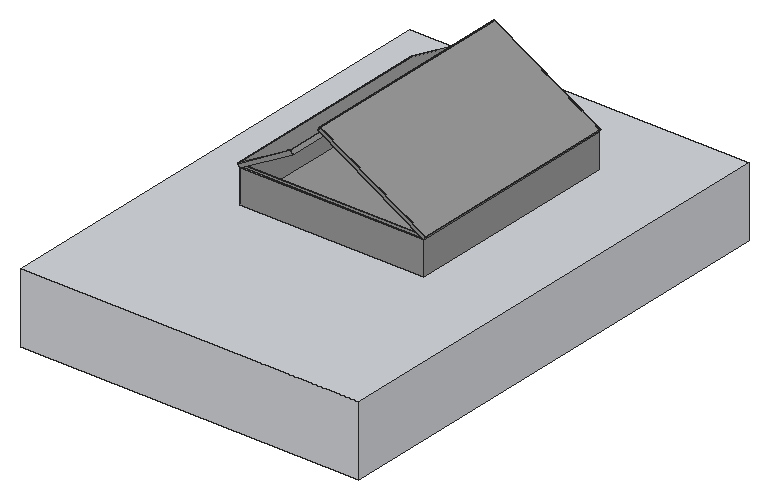
Revit family "Hager-Univers-IP44-D161-H950-Cl.II-FWQ_encl-NL-en", category Equipement électrique, Revit 2020
Family settings
  Hôte = Face
  Configuration du panneau = Deux colonnes, circuits au sein
  Cote de connecteur circulaire = Utiliser le diamètre
  Type d'élément = Tableau de raccordement
  Couper avec des vides une fois chargée = Non
  Partagée = Non
  Point de calcul de pièce = Non
Parameters (values of type "Surface mounted (plaster) IP44 W800 H950 D161  - FWQ63P")
  Width Control [instance] = if([EF000008 - Width] > Min Width, [EF000008 - Width], Min Width)  # 800 mm
  Commentaires du type = [HG000003 - Range]  # "Univers"
  Thickness Door [instance] = if([EF009171 - Material plate thickness door/cover] > 3 mm, 3 mm, [EF009171 - Material plate thickness door/cover])  # 2 mm
  Seal Frame Offset [instance] = 17 mm  # constant formula
  Plinth Visibility [instance] = [HG000027 - Plinth height] > 0 mm  # no
  Model = ""
  Min Width [instance] = 100 mm  # constant formula
  Min Height [instance] = 100 mm  # constant formula
  Min Depth [instance] = (2 * [EF009170 - Material plate thickness cabinet]) + 1 mm  # 5 mm
  Internal Frame Depth [instance] = (Door System Depth * 0.5)  # 9 mm
  Height Control [instance] = if([EF000040 - Height] > Min Height, [EF000040 - Height], Min Height)  # 950 mm
  HG000027 - Plinth height = 0 mm
  HG000026 - Floor standing = no
  HG000024 - Bottom section height = 800 mm
  HG000023 - Double section enclosure = no
  HG000016 - Door 3d visibility [instance] = yes
  HG000015 - Clearance visibility [instance] = no
  HG000014 - Door on the right [instance] = yes
  HG000013 - Door on the left [instance] = not([HG000014 - Door on the right])  # no
  HG000012 - Door swing angle [instance] = 30.00°
  HG000010 - Asymmetric doors = yes
  HG000009 - Double swing door = yes
  HG000006 - Flush mounted = no
  HG000004 - Manufacturer reference = "FWQ63P"
  HG000003 - Range = "Univers"
  HG000002 - With door or cover = yes
  Frame Offset Bottom [instance] = 10 mm  # constant formula
  Frame Offset [instance] = 15 mm  # constant formula
  EF015940 - Cover with overpressure release = no
  EF011959 - Degree of protection (NEMA) = ""
  EF009554 - Number of openings for flange plates = 6
  EF009212 - Cover model = "EV009916 - With notch"
  EF009171 - Material plate thickness door/cover = 2 mm
  EF009170 - Material plate thickness cabinet = 2 mm
  Fabricant = "Hager"  # constant formula
  EF008873 - Nominal current (In) = 125 A
  EF007800 - Suitable for lightning protection = no
  EF006306 - With lock = no
  EF006244 - Transparent cover/door = no
  EF005474 - Degree of protection (IP) = "EV006418 - IP44"
  EF004464 - Type of door = "EV002646 - Single"
  EF004427 - Number of modules = 216
  EF004293 - Impact strength = "EV006815 - IK09"
  EF003532 - Suitable for outdoor use = no
  EF002950 - Width in number of modular spacings = 36
  EF001613 - Circuit integrity = "EV000494 - None"
  EF001596 - Material housing = "EV000179 - Steel"
  EF001131 - Internal depth = 161 mm
  EF001088 - Extension possible = yes
  EF000437 - Number of conduit inlets = 12
  EF000339 - Type of cover = "EV001012 - Cover"
  EF000266 - Number of rows = 3
  EF000218 - Built-in depth = 0 mm
  EF000118 - With mounting plate = yes
  EF000116 - RAL-number = "9010"
  EF000049 - Depth = 161 mm
  EF000040 - Height = 950 mm
  EF000008 - Width = 800 mm
  EF000007 - Colour = "EV000202 - White"
  EF000003 - Mounting method = "EV000384 - Surface mounted (plaster)"
  Door System Leaf Tolerance [instance] = 1.5 mm  # constant formula
  Door System Depth [instance] = 18 mm  # constant formula
  Door Height [instance] = Height Control - [HG000027 - Plinth height]  # 950 mm
  Depth Control [instance] = if([EF000049 - Depth] > Min Depth, [EF000049 - Depth], Min Depth)  # 161 mm
  Default Elevation = 0 mm
  Connector Offset [instance] = Height Control / 2  # 475 mm
  Bottom Top Plate Trim [instance] = 1.5 mm  # constant formula
  Plinth height Ctrl [instance] = if([HG000027 - Plinth height] > 0 mm, [HG000027 - Plinth height], 12 mm)  # 12 mm
Types (4, lengths in mm): name | Width Control | HG000010 - Asymmetric doors | HG000009 - Double swing door | HG000004 - Manufacturer reference | EF009554 - Number of openings for flange plates | EF004427 - Number of modules | EF002950 - Width in number of modular spacings | EF000437 - Number of conduit inlets | EF000266 - Number of rows | EF000008 - Width
  Surface mounted (plaster) IP44 W1050 H950 D161  - FWQ64P | 1050 | no | yes | "FWQ64P" | 8 | 288 | 48 | 16 | 4 | 1050
  Surface mounted (plaster) IP44 W300 H950 D161  - FWQ61P | 300 | no | no | "FWQ61P" | 2 | 72 | 12 | 4 | 1 | 300
  Surface mounted (plaster) IP44 W550 H950 D161  - FWQ62P | 550 | no | no | "FWQ62P" | 4 | 144 | 24 | 8 | 2 | 550
  Surface mounted (plaster) IP44 W800 H950 D161  - FWQ63P | 800 | yes | yes | "FWQ63P" | 6 | 216 | 36 | 12 | 3 | 800
Reference planes
  plane 1 "Center (Front/Back)": y = 0
  plane 2: z = 0
  plane 3 "Center (Left/Right)": x = 0
  plane 4: z = 161
  plane 5: y = 2
  plane 6: y = 475
  plane 7: y = 0
  plane 8: y = 950
  plane 9: z = 0
  plane 10: x = -385
  plane 11: x = 385
  plane 12: x = 383
  plane 13: x = -383
  plane 14: y = 948
  plane 15: x = -383
  plane 16: x = -400
  plane 17: x = 383
  plane 18: x = 400
  plane 19: x = 398
  plane 20: x = -398
  plane 21: y = 12
  plane 22: y = 950
  plane 23: y = 933
  plane 24: z = 143
  plane 25: z = 2
  plane 26: z = 141
  plane 27: z = 159
Forms (mm)
  Extrusion 1, solid
    sketch origin (0, 0, 0) x (1, 0, 0) y (0, 1, 0)
      loop
        line (-702.964, 1305) -> (-702.964, -811.445) -> (766.763, -811.445) -> (766.763, 1305) -> (-702.964, 1305)
    from 0 to -304.8
  Extrusion 2, solid, material "Hager_Steel_RAL7035_Light_Grey", visible <- "Plinth Visibility", detail levels medium+fine
    sketch origin (0, 0, 0) x (1, 0, 0) y (0, 1, 0)
      loop
        line (-400, 0) -> (400, 0) -> (400, 12) -> (-400, 12) -> (-400, 0)
    from 0 to 143
  Extrusion 3, solid, material "Hager_Steel_RAL7035_Light_Grey", detail levels medium+fine
    sketch origin (0, 0, 0) x (1, 0, 0) y (0, 1, 0)
      loop
        line (-400, 0) -> (400, 0) -> (400, 950) -> (-400, 950) -> (-400, 0)
    from 0 to 143
  Extrusion 4, void
    sketch origin (0, 0, 0) x (1, 0, 0) y (0, 1, 0)
      loop
        line (-398, 2) -> (398, 2) -> (398, 948) -> (-398, 948) -> (-398, 2)
    from 2 to 141
  Extrusion 5, void
    sketch origin (-381.607, -4572, 143) x (0, -1, 0) y (-1, 0, 0)
      loop
        line (-4584, 1.393) -> (-5505, 1.393) -> (-5505, -764.607) -> (-4584, -764.607) -> (-4584, 1.393)
    from 0 to 2 <- "EF009170 - Material plate thickness cabinet"
  Extrusion 6, solid, material "Hager_Steel_RAL7035_Light_Grey", detail levels fine
    sketch origin (0, 0, 143) x (1, 0, 0) y (0, 1, 0)
      loop
        line (-383, 933) -> (-383, 12) -> (383, 12) -> (383, 933) -> (-383, 933)
      loop
        line (-385, 10) -> (385, 10) -> (385, 935) -> (-385, 935) -> (-385, 10)
    from 0 to 9 <- "Internal Frame Depth"
  Extrusion 7, solid, material "Hager_Steel_RAL7035_Light_Grey", detail levels coarse
    sketch origin (0, 0, 0) x (1, 0, 0) y (0, 1, 0)
      loop
        line (-400, 0) -> (400, 0) -> (400, 950) -> (-400, 950) -> (-400, 0)
    from 0 to 161
  Sweep 8, void
    path in 3D
      loop
        line (-400, 12, 0) -> (400, 12, 0) -> (400, 12, 143) -> (-400, 12, 143) -> (-400, 12, 0)
    profile origin (-400, 12, 71.5) x (-1, 0, 0) y (0, -1, 0)
      loop
        line (0, 0) -> (0, 1.5) -> (-1.5, 1.5)
        arc (-1.5, 1.5) -> (-1.061, 0.439) -> (0, 0) r 1.5
Cuts and joins
  Extrusion 4, Extrusion 5 cuts Extrusion 3
  Sweep 8 cuts Extrusion 2
Lines and regions (mm)
  Masking region 1
    outline origin (0, 0, 0) x (1, 0, 0) y (0, 0, 1)
      loop
        line (-400, 161) -> (-400, 0) -> (400, 0) -> (400, 161) -> (-400, 161)
  Masking region 2, detail levels medium+fine
    outline origin (0, 140, 0) x (0, 1, 0) y (0, 0, 1)
      loop
        line (-140, 0) -> (810, 0) -> (810, 143) -> (-140, 143) -> (-140, 0)
  Masking region 3, not visible, detail levels medium+fine
    outline origin (0, 297.922, 0) x (0, 1, 0) y (0, 0, 1)
      loop
        line (188.578, 0) -> (228.578, 0) -> (228.578, 149)
        arc (228.578, 149) -> (225.649, 156.071) -> (218.578, 159) r 10
        line (218.578, 159) -> (188.578, 159) -> (188.578, 0)
  Masking region 4, detail levels coarse
    outline origin (0, 0, 180) x (0, 1, 0) y (0, 0, 1)
      loop
        line (0, -180) -> (950, -180) -> (950, -19) -> (0, -19) -> (0, -180)
  Masking region 5, visible <- "Plinth Visibility", detail levels medium+fine
    outline origin (0, 52.24, 12.345) x (0, 0, -1) y (0, 1, 0)
      loop
        line (10.845, -40.24) -> (-129.155, -40.24)
        arc (-129.155, -40.24) -> (-129.594, -41.301) -> (-130.655, -41.74) r 1.5
        line (-130.655, -41.74) -> (-130.655, -52.24) -> (12.345, -52.24) -> (12.345, -41.74)
        arc (12.345, -41.74) -> (11.285, -41.301) -> (10.845, -40.24) r 1.5
  Masking region 6, detail levels medium+fine
    outline origin (-381.607, -4572, 143) x (-1, 0, 0) y (0, -1, 0)
      loop
        line (18.393, -5522) -> (18.393, -4572) -> (-781.607, -4572) -> (-781.607, -5522) -> (18.393, -5522)
  Masking region 7, visible <- "Plinth Visibility", detail levels medium+fine
    outline origin (-381.607, -4727, 143) x (-1, 0, 0) y (0, -1, 0)
      loop
        arc (16.893, -4739) -> (17.332, -4737.939) -> (18.393, -4737.5) r 1.5
        line (18.393, -4737.5) -> (18.393, -4727) -> (-781.607, -4727) -> (-781.607, -4737.5)
        arc (-781.607, -4737.5) -> (-780.546, -4737.939) -> (-780.107, -4739) r 1.5
        line (-780.107, -4739) -> (16.893, -4739)
  Masking region 8, detail levels coarse
    outline origin (-442.548, -4669.526, 143) x (-1, 0, 0) y (0, -1, 0)
      loop
        line (-42.548, -5619.526) -> (-42.548, -4669.526) -> (-842.548, -4669.526) -> (-842.548, -5619.526) -> (-42.548, -5619.526)
  sketch lines
    curve 1: line (-400, 12, 143) -> (-400, 12, 0)
    curve 2: line (400, 12, 143) -> (-400, 12, 143)
    curve 3: line (400, 12, 143) -> (400, 12, 0)
    curve 4: line (-400, 12, 0) -> (400, 12, 0)
Dimensions and locks
  "Depth Control": plane 4 to Extrusion 1
  "HG000027 - Plinth height": plane 1 "Center (Front/Back)" to plane 7
  "EF009170 - Material plate thickness cabinet": plane 5 to plane 7
  locked: connector elem to plane 3 "Center (Left/Right)"
  equal spacing: plane 8, plane 6, plane 7
  locked: connector elem to plane 6
  "EF009170 - Material plate thickness cabinet": plane 8 to plane 14
  "EF009170 - Material plate thickness cabinet": plane 10 to plane 13
  "EF009170 - Material plate thickness cabinet": plane 12 to plane 11
  "Frame Offset": plane 20 to plane 13
  "Frame Offset": plane 12 to plane 19
  "EF009170 - Material plate thickness cabinet": plane 16 to plane 20
  "EF009170 - Material plate thickness cabinet": plane 19 to plane 18
  "Seal Frame Offset": plane 16 to plane 15
  "Seal Frame Offset": plane 17 to plane 18
  "Frame Offset Bottom": plane 21 to plane 5
  "Frame Offset": plane 14 to plane 23
  equal spacing: plane 16, plane 3 "Center (Left/Right)", plane 18
  "Width Control": plane 16 to plane 18
  "EF009170 - Material plate thickness cabinet": plane 4 to plane 27
  "EF009170 - Material plate thickness cabinet": plane 24 to plane 26
  "EF009170 - Material plate thickness cabinet": plane 25 to level
  "Door System Depth": plane 4 to plane 24
  "Height Control": plane 1 "Center (Front/Back)" to Extrusion 7 sketch curve
  "Height Control": Masking region 4 sketch curve to plane 1 "Center (Front/Back)"
  "Height Control": plane 1 "Center (Front/Back)" to plane 22
  "Bottom Top Plate Trim": profile plane to Sweep 8 sketch curve
  "Bottom Top Plate Trim": Sweep 8 sketch curve to profile plane
  "Plinth height Ctrl": plane 1 "Center (Front/Back)" to Extrusion 2 sketch curve
  "Plinth height Ctrl": Masking region 5 sketch curve to plane 1 "Center (Front/Back)"
  "Plinth height Ctrl": plane 1 "Center (Front/Back)" to Masking region 7 sketch curve
  "Thickness Door": Extrusion 6 sketch curve to Extrusion 6 sketch curve  (x3)
  "Thickness Door": cut or joined group of Extrusion 3, Extrusion 4, Extrusion 5 to Extrusion 6 sketch curve
  radius of Masking region 3 sketch curve = 10 mm
  "Bottom Top Plate Trim": radius of Masking region 5 sketch curve  (x2)
  "Bottom Top Plate Trim": radius of Sweep 8 sketch curve
  "Bottom Top Plate Trim": radius of Masking region 7 sketch curve  (x2)
  aligned and locked: plane 2 to Extrusion 1
  aligned and locked: level to Extrusion 1
  aligned and locked: level to Masking region 1 sketch curve
  aligned and locked: Masking region 1 sketch curve to plane 18
  aligned and locked: Masking region 1 sketch curve to plane 16
  aligned and locked: plane 7 to Masking region 2 sketch curve
  aligned and locked: level to Masking region 3 sketch curve
  aligned and locked: Masking region 3 sketch curve to plane 27
  aligned and locked: level to Masking region 2 sketch curve
  aligned and locked: plane 1 "Center (Front/Back)" to Extrusion 2 sketch curve
  aligned and locked: Extrusion 3 sketch curve to plane 7
  aligned and locked: plane 16 to Extrusion 3 sketch curve
  aligned and locked: plane 18 to Extrusion 3 sketch curve
  aligned and locked: plane 20 to Extrusion 4 sketch curve
  aligned and locked: plane 19 to Extrusion 4 sketch curve
  aligned and locked: Extrusion 4 sketch curve to plane 5
  aligned and locked: Extrusion 4 to plane 25
  aligned and locked: plane 26 to Extrusion 4
  aligned and locked: plane 24 to Extrusion 3
  aligned and locked: Extrusion 5 sketch curve to plane 21
  aligned and locked: Extrusion 5 sketch curve to plane 13
  aligned and locked: Extrusion 5 sketch curve to plane 12
  aligned and locked: plane 18 to Extrusion 7 sketch curve
  aligned and locked: plane 1 "Center (Front/Back)" to Extrusion 7 sketch curve
  aligned and locked: plane 16 to Extrusion 7 sketch curve
  aligned and locked: plane 4 to Extrusion 7
  aligned and locked: Extrusion 7 to level
  aligned and locked: level to Masking region 4 sketch curve
  aligned and locked: Masking region 4 sketch curve to plane 1 "Center (Front/Back)"
  aligned and locked: Masking region 4 sketch curve to plane 4
  aligned and locked: nested 1 to level
  aligned and locked: nested 1 to plane 16
  aligned and locked: plane 8 to Extrusion 3 sketch curve
  aligned and locked: plane 23 to Extrusion 5 sketch curve
  aligned and locked: plane 14 to Extrusion 4 sketch curve
  aligned and locked: Masking region 2 sketch curve to plane 8
  aligned and locked: level to Masking region 5 sketch curve
  aligned and locked: plane 16 to Extrusion 2 sketch curve
  aligned and locked: plane 18 to Extrusion 2 sketch curve
  aligned and locked: Masking region 5 sketch curve to plane 24
  aligned and locked: Masking region 2 sketch curve to plane 24
  aligned and locked: plane 24 to Extrusion 2
  aligned and locked: profile plane to Sweep 8 sketch curve  (x2)
  aligned and locked: Masking region 6 sketch curve to plane 18
  aligned and locked: Masking region 6 sketch curve to plane 22
  aligned and locked: Masking region 6 sketch curve to plane 16
  aligned and locked: plane 8 to plane 22
  aligned and locked: Masking region 6 sketch curve to plane 7
  aligned and locked: Masking region 7 sketch curve to plane 16
  aligned and locked: Masking region 7 sketch curve to plane 1 "Center (Front/Back)"
  aligned and locked: Masking region 7 sketch curve to plane 18
  aligned and locked: Masking region 8 sketch curve to plane 1 "Center (Front/Back)"
  aligned and locked: Masking region 8 sketch curve to plane 18
  aligned and locked: Masking region 8 sketch curve to plane 22
  aligned and locked: Masking region 8 sketch curve to plane 16
  aligned and locked: nested 2 to plane 7
  aligned and locked: plane 3 "Center (Left/Right)" to nested 2
  aligned and locked: nested 2 to plane 24
  aligned and locked: Extrusion 6 sketch curve to cut or joined group of Extrusion 3, Extrusion 4, Extrusion 5  (x4)
Automatic sketch dimensions
  Extrusion 1 sketch curve to Extrusion 1 sketch curve = 1469.727 mm
  Extrusion 1 sketch curve to Extrusion 1 sketch curve = 2116.445 mm
  Masking region 1 sketch curve to plane 4 = 0 mm
  plane 6 to Masking region 3 sketch curve = 11.5 mm
  Masking region 3 sketch curve to Masking region 3 sketch curve = 30 mm
  Masking region 5 sketch curve to plane 1 "Center (Front/Back)" = 0 mm
Nested families
  nested 1: "Hager_Enclosure_Symbol" at (-400, 0, 0) x (1, 0, 0) z (0, -1, 0), Height <- "Depth Control", Width <- "Width Control", type "Hager_Enclosure_Symbol"
    with Width_Ctrl 800 mm, Width 800 mm, Height_Ctrl 161 mm, Height 161 mm, A_Width_Int 10.566 mm, A_Width 126.788 mm, A_Height_Ctrl 140.875 mm, A_Height 140.875 mm
  nested 2: "EC000058_Univers_Door" at (0, 0, 143) x (1, 0, 0) z (0, 1, 0), Leaf_Tolerance <- "Door System Leaf Tolerance", Angle <- "HG000012 - Door swing angle", Door_Depth <- "Door System Depth", Door_Left <- "HG000013 - Door on the left", Transparent <- "EF006244 - Transparent cover/door", Assymetrical <- "HG000010 - Asymmetric doors", Width <- "Width Control", Clearance <- "HG000015 - Clearance visibility", Double <- "HG000009 - Double swing door", 3d_Door <- "HG000016 - Door 3d visibility", Lock_Visibility <- "EF006306 - With lock", Width_Ctrl <- "Width Control", Door_Right <- "HG000014 - Door on the right", Door <- "HG000002 - With door or cover", Height <- "Door Height", Thickness <- "Thickness Door", type "EC000058_Univers_Door", detail levels medium+fine
    with min_wh 5 mm, Width_Ctrl 800 mm, Width 800 mm, Transparent no, Thickness 2 mm, Seal_Material Hager_Rubber, Lock_Visibility no, Lock_Material Hager_Plastic_RAL9005_Jet_Black, Leaf_Width 800 mm, Leaf_Tolerance_External_Sides 0 mm, Leaf_Tolerance 1.5 mm, Leaf_Offset 0 mm, Leaf_Height 947 mm, Leaf_2_Width 532.583 mm, Leaf_2_Offset 266.292 mm, Leaf_1_Width 265.917 mm, Leaf_1_Offset 132.958 mm, Height_Ctrl 950 mm, Height 950 mm, Glass_Material Hager_Glass, Double_Clearance_Ctrl no, Double yes, Door_Right_Ctrl yes, Door_Right yes, Door_Material Hager_Steel_RAL7035_Light_Grey, Door_Left_Ctrl yes, Door_Left no, Door_Depth 18 mm, Door yes, Clearance_Material Hager_Clearance, Clearance_Depth 532.583 mm, Clearance_Ctrl no, Clearance no, Assymetrical yes, Angle 30.00°, 3d_Door yes
Connectors
  electrical at (0, 475, 0)
    settings: on plane 9, index 1, voltage 0 V, apparent load 0 VA, apparent load phase1 0 VA, apparent load phase2 0 VA, apparent load phase3 0 VA, power factor 1, load classification "Other", number of poles 1, system type 30, power factor state 1, is connector primary yes, connector utility no, sub classification motor no, connector description ""
Definition of nested family "EC000058_Univers_Door"
  Parameters (values of type "EC000058_Univers_Door")
    min_wh [instance] = (2 * Thickness) + 1 mm  # 11 mm
    Width_Ctrl [instance] = 400 mm
    Width [instance] = 500 mm
    Transparent [instance] = yes
    Thickness [instance] = 5 mm
    Seal_Material [instance] = none
    Lock_Visibility [instance] = yes
    Lock_Material [instance] = none
    Leaf_Width [instance] = if((Width_Ctrl - 2 * Leaf_Tolerance_External_Sides) > 0 mm, (Width_Ctrl - 2 * Leaf_Tolerance_External_Sides), min_wh)  # 400 mm
    Leaf_Tolerance_External_Sides [instance] = 0 mm  # constant formula
    Leaf_Tolerance [instance] = 1.5 mm
    Leaf_Offset [instance] = 0 mm  # constant formula
    Leaf_Height [instance] = if((Height_Ctrl - 2 * Leaf_Tolerance) > 0 mm, (Height_Ctrl - 2 * Leaf_Tolerance), min_wh)  # 497 mm
    Leaf_2_Width [instance] = if(and(and(Double, Assymetrical), Door_Left), (Leaf_Width / 3) - (Leaf_Tolerance / 2), if(and(and(Double, Assymetrical), Door_Right), (Leaf_Width / 3) * 2 - (Leaf_Tolerance / 2), if(and(Double, not(Assymetrical)), (Leaf_Width / 2) - Leaf_Tolerance, Leaf_Width)))  # 400 mm
    Leaf_2_Offset [instance] = if(and(Double, Assymetrical), Leaf_2_Width / 2, if(and(Double, not(Assymetrical)), Leaf_Width / 4, Leaf_Width / 2))  # 200 mm
    Leaf_1_Width [instance] = if(and(and(Double, Assymetrical), Door_Right), (Leaf_Width / 3) - (Leaf_Tolerance / 2), if(and(and(Double, Assymetrical), Door_Left), (Width / 3) * 2 - (Leaf_Tolerance / 2), if(and(Double, not(Assymetrical)), (Leaf_Width / 2) - Leaf_Tolerance, Leaf_Width)))  # 400 mm
    Leaf_1_Offset [instance] = if(and(Double, Assymetrical), Leaf_1_Width / 2, if(and(Double, not(Assymetrical)), Leaf_Width / 4, Leaf_Width / 2))  # 200 mm
    Height_Ctrl [instance] = if(Height > min_wh, Height, min_wh)  # 500 mm
    Height [instance] = 500 mm
    Glass_Material [instance] = none
    Double_Clearance_Ctrl [instance] = and(Double, Clearance)  # no
    Double [instance] = no
    Door_Right_Ctrl [instance] = and(or(Door_Right, Double), Door)  # yes
    Door_Right [instance] = yes
    Door_Material [instance] = none
    Door_Left_Ctrl [instance] = and(or(Door_Left, Double), Door)  # no
    Door_Left [instance] = no
    Door_Depth [instance] = 30 mm
    Door [instance] = yes
    Default Elevation = 1219.2 mm
    Clearance_Material [instance] = none
    Clearance_Depth [instance] = if(Leaf_1_Width > Leaf_2_Width, Leaf_1_Width, Leaf_2_Width)  # 400 mm
    Clearance_Ctrl [instance] = and(not(Double), Clearance)  # yes
    Clearance [instance] = yes
    Assymetrical [instance] = yes
    Angle [instance] = 30.00°
    3d_Door [instance] = yes
  Reference planes
    plane 1 "Center (Front/Back)": y = 0
    plane 2 "Bottom": z = 0
    plane 3 "Center (Left/Right)": x = 0
    plane 4: z = 500
    plane 5: x = -200
    plane 6: x = 200
    plane 7: z = 500
    plane 8: x = -200
    plane 9: z = 0
    plane 10: x = 200
    plane 11: y = 0
    plane 12: z = 1.5
    plane 13: x = -600
    plane 14: y = -400
    plane 15: x = 600
    plane 16: x = 0
    plane 17: x = 0
    plane 18: x = -200
    plane 19: x = 200
    plane 20: z = 498.5
  Forms (mm)
    Extrusion 1, solid, material <- "Clearance_Material", visible <- "Double_Clearance_Ctrl"
      sketch origin (1200, 0, 0) x (1, 0, 0) y (0, 0, -1)
        loop
          line (-1800, -498.5) -> (-600, -498.5) -> (-600, 0) -> (-1800, 0) -> (-1800, -498.5)
      from 0 to -400
  Dimensions and locks
    equal spacing: plane 5, plane 3 "Center (Left/Right)", plane 6
    "Width_Ctrl": plane 5 to plane 6
    "Leaf_Offset": plane 5 to plane 8
    "Leaf_Offset": plane 6 to plane 10
    "Leaf_Offset": plane 9 to level
    "Leaf_Offset": plane 4 to plane 7
    "Height_Ctrl": plane 4 to level
    "Leaf_Tolerance": plane 12 to plane 9
    locked: plane 11 to plane 1 "Center (Front/Back)"
    "Leaf_1_Offset": plane 18 to plane 16
    "Leaf_2_Offset": plane 17 to plane 19
    "Leaf_1_Width": plane 13 to plane 8
    "Leaf_2_Width": plane 10 to plane 15
    "Clearance_Depth": plane 14 to plane 1 "Center (Front/Back)"
    "Leaf_Tolerance_External_Sides": plane 8 to plane 18
    "Leaf_Tolerance_External_Sides": plane 19 to plane 10
    "Leaf_Tolerance": plane 7 to plane 20
    aligned and locked: level to plane 2 "Bottom"
    aligned and locked: nested 1 to plane 16
    aligned and locked: nested 2 to plane 17
    aligned and locked: Extrusion 1 to plane 13
    aligned and locked: plane 15 to Extrusion 1
    aligned and locked: Extrusion 1 to plane 14
    aligned and locked: plane 12 to nested 1
    aligned and locked: nested 2 to plane 12
    aligned and locked: Extrusion 1 to plane 11
    aligned and locked: plane 20 to Extrusion 1
    aligned and locked: nested 2 to plane 11
    aligned and locked: nested 1 to plane 11
  Automatic sketch dimensions
    Extrusion 1 sketch curve to level = 0 mm
    plane 5 to Extrusion 1 sketch curve = 400 mm
    plane 6 to Extrusion 1 sketch curve = 400 mm
    Extrusion 1 sketch curve to plane 4 = 1.5 mm
  Nested families
    nested 1: "EC000058_Univers_Door_Leaf" at (0, 0, 1.5), Width <- "Leaf_1_Width", visible <- "Door_Left_Ctrl", Leaf_Height <- "Leaf_Height", Angle <- "Angle", 3d_Door <- "3d_Door", Transparent <- "Transparent", Clearance Material <- "Clearance_Material", Clearance <- "Clearance_Ctrl", Door_Material <- "Door_Material", Glass_Material <- "Glass_Material", Door_Depth <- "Door_Depth", Lock_Material <- "Lock_Material", Seal_Material <- "Seal_Material", Lock_Visibility <- "Lock_Visibility", Thickness <- "Thickness", type "EC000058_Univers_Door_Leaf"
      with Width 400 mm, Transparent_Glass_Offset 30 mm, Transparent_Ctrl yes, Transparent yes, Thickness 5 mm, Standard no, Seal_Material none, Seal_D2 8 mm, Seal_D1 1 mm, Offset_Internal_Frame 10 mm, Lock_Width 20 mm, Lock_Visibility_3d yes, Lock_Visibility yes, Lock_Thickness_3 3 mm, Lock_Thickness_2 1 mm, Lock_Thickness_1 3 mm, Lock_Radius_Offset_2 16 mm, Lock_Radius_Offset_1 15 mm, Lock_Radius_2 5 mm, Lock_Radius 6 mm, Lock_Offset 5 mm, Lock_Material none, Lock_Height 80 mm, Lock_Cover_Top_Offset_2d 17 mm, Lock_Cover_Height -65 mm, Leaf_Height 497 mm, Internal_Seal_Thickness 8 mm, Internal_Seal_Depth_2 4.5 mm, Internal_Frame_Depth 25 mm, Glass_Thickness -1 mm, Glass_Offset -2 mm, Glass_Material none, Door_Material none, Door_Depth 30 mm, Clearance Material none, Clearance yes, Angle_Ctrl 30.00°, Angle 30.00°, 3d_Door yes
    nested 2: "EC000058_Univers_Door_Leaf" at (0, 0, 1.5) x (-1, 0, 0) z (0, 0, 1), Width <- "Leaf_2_Width", visible <- "Door_Right_Ctrl", Leaf_Height <- "Leaf_Height", Angle <- "Angle", 3d_Door <- "3d_Door", Transparent <- "Transparent", Clearance Material <- "Clearance_Material", Clearance <- "Clearance_Ctrl", Door_Material <- "Door_Material", Glass_Material <- "Glass_Material", Door_Depth <- "Door_Depth", Lock_Material <- "Lock_Material", Seal_Material <- "Seal_Material", Lock_Visibility <- "Lock_Visibility", Thickness <- "Thickness", type "EC000058_Univers_Door_Leaf"
      with Width 400 mm, Transparent_Glass_Offset 30 mm, Transparent_Ctrl yes, Transparent yes, Thickness 5 mm, Standard no, Seal_Material none, Seal_D2 8 mm, Seal_D1 1 mm, Offset_Internal_Frame 10 mm, Lock_Width 20 mm, Lock_Visibility_3d yes, Lock_Visibility yes, Lock_Thickness_3 3 mm, Lock_Thickness_2 1 mm, Lock_Thickness_1 3 mm, Lock_Radius_Offset_2 16 mm, Lock_Radius_Offset_1 15 mm, Lock_Radius_2 5 mm, Lock_Radius 6 mm, Lock_Offset 5 mm, Lock_Material none, Lock_Height 80 mm, Lock_Cover_Top_Offset_2d 17 mm, Lock_Cover_Height -65 mm, Leaf_Height 497 mm, Internal_Seal_Thickness 8 mm, Internal_Seal_Depth_2 4.5 mm, Internal_Frame_Depth 25 mm, Glass_Thickness -1 mm, Glass_Offset -2 mm, Glass_Material none, Door_Material none, Door_Depth 30 mm, Clearance Material none, Clearance yes, Angle_Ctrl 30.00°, Angle 30.00°, 3d_Door yes
  Definition of nested family "EC000058_Univers_Door_Leaf"
    Parameters (values of type "EC000058_Univers_Door_Leaf")
      Width [instance] = 2000 mm
      Transparent_Glass_Offset [instance] = 30 mm
      Transparent_Ctrl [instance] = and(Transparent, [3d_Door])  # yes
      Transparent [instance] = yes
      Thickness [instance] = 5 mm
      Standard [instance] = and(not(Transparent), [3d_Door])  # no
      Seal_Material [instance] = none
      Seal_D2 [instance] = 8 mm  # constant formula
      Seal_D1 [instance] = 1 mm  # constant formula
      Offset_Internal_Frame [instance] = 10 mm  # constant formula
      Lock_Width [instance] = 20 mm  # constant formula
      Lock_Visibility_3d [instance] = and(Lock_Visibility, [3d_Door])  # yes
      Lock_Visibility [instance] = yes
      Lock_Thickness_3 [instance] = 3 mm  # constant formula
      Lock_Thickness_2 [instance] = 1 mm  # constant formula
      Lock_Thickness_1 [instance] = 3 mm  # constant formula
      Lock_Radius_Offset_2 [instance] = Lock_Radius_Offset_1 + 1 mm  # 16 mm
      Lock_Radius_Offset_1 [instance] = 15 mm  # constant formula
      Lock_Radius_2 [instance] = Lock_Radius - 1 mm  # 5 mm
      Lock_Radius [instance] = 6 mm  # constant formula
      Lock_Offset [instance] = 5 mm  # constant formula
      Lock_Material [instance] = none
      Lock_Height [instance] = 80 mm  # constant formula
      Lock_Cover_Top_Offset_2d [instance] = Lock_Radius_Offset_2 + 1 mm  # 17 mm
      Lock_Cover_Height [instance] = -(Lock_Height - Lock_Radius_Offset_1)  # -65 mm
      Leaf_Height [instance] = 2720.336 mm
      Internal_Seal_Thickness [instance] = 8 mm  # constant formula
      Internal_Seal_Depth_2 [instance] = 4.5 mm  # constant formula
      Internal_Frame_Depth [instance] = if(Door_Depth - Thickness > 5 mm, Door_Depth - Thickness, 5 mm)  # 25 mm
      Glass_Thickness [instance] = if(Thickness > 15 mm, Glass_Offset + 10 mm, -1 mm)  # -1 mm
      Glass_Offset [instance] = if(Thickness > 15 mm, -(Thickness + 10 mm) / 2, -2 mm)  # -2 mm
      Glass_Material [instance] = none
      Door_Material [instance] = none
      Door_Depth [instance] = 30 mm
      Default Elevation = 0 mm
      Clearance Material [instance] = none
      Clearance [instance] = yes
      Angle_Ctrl [instance] = if(Angle > 180.00°, 180.00°, Angle)  # 90.00°
      Angle [instance] = 90.00°
      3d_Door [instance] = yes
    Reference planes
      plane 1 "Center (Front/Back)": y = 0
      plane 2: z = 0
      plane 3 "Center (Left/Right)": x = 0
      plane 4: y = 2000
      plane 5: x = -1000
      plane 6: x = 1000
      plane 7: x = -3000
      plane 8: z = 2720.336
      plane 9: z = 30
      plane 10: z = 2690.336
      plane 11: x = 970
      plane 12: x = -970
      plane 13: y = -3
      plane 14: z = 107.833
      plane 15: y = -5
      plane 16: y = -223.314
      plane 17: x = -1000
      plane 18: z = 1360.168
      plane 19: y = 30
    Forms (mm)
      Extrusion 1, solid, material <- "Clearance Material", visible <- "Clearance"
        sketch origin (0, 0, 0) x (1, 0, 0) y (0, 0, 1)
          loop
            line (-3000, 2720.336) -> (-3000, 0) -> (1000, 0) -> (1000, 2720.336) -> (-3000, 2720.336)
        from 0 to -2000
      Extrusion 2, solid, material <- "Door_Material", visible <- "Standard", detail levels medium+fine
        sketch origin (-1000, 0, 0) x (0, 1, 0) y (-1, 0, 0)
          loop
            line (0, 30) -> (0, 25) -> (2000, 25) -> (2000, 30) -> (0, 30)
        from 0 to 2720.336 <- "Leaf_Height"
      Extrusion 3, solid, material <- "Door_Material", visible <- "Transparent_Ctrl", detail levels medium+fine
        sketch origin (-1000, 0, 0) x (0, 1, 0) y (-1, 0, 0)
          loop
            line (0, 25) -> (2000, 25) -> (2000, 30) -> (0, 30) -> (0, 25)
        from 0 to 2720.336 <- "Leaf_Height"
      Extrusion 4, void
        sketch origin (-1025, 2000, 0) x (0, 1, 0) y (0, 0, -1)
          loop
            line (-30, -2690.336) -> (-30, -30) -> (-1970, -30) -> (-1970, -2690.336) -> (-30, -2690.336)
        from 0 to 5 <- "Thickness"
      Sweep 5, solid, material <- "Seal_Material", visible <- "Transparent_Ctrl", detail levels fine
        path in 3D
          loop
            line (-1025, 30, 30) -> (-1025, 30, 2690.336) -> (-1025, 1970, 2690.336) -> (-1025, 1970, 30) -> (-1025, 30, 30)
        profile origin (-1025, 1000, 30) x (1, 0, 0) y (0, 0, 1)
          loop
            line (0, 0) -> (0, -8) -> (1, -8) -> (1, 0) -> (0, 0)
      Extrusion 6, solid, material <- "Glass_Material", visible <- "Transparent_Ctrl", detail levels medium+fine
        sketch origin (-1030, 0, 0) x (0, 1, 0) y (0, 0, -1)
          loop
            line (1970, -2690.336) -> (1970, -30) -> (30, -30) -> (30, -2690.336) -> (1970, -2690.336)
        from -2 <- "Glass_Offset" to -1 <- "Glass_Thickness"
      Extrusion 7, solid, material <- "Door_Material", visible <- "3d_Door", detail levels medium+fine
        sketch origin (-1025, 2000, 0) x (0, -1, 0) y (0, 0, -1)
          loop
            line (0, -2720.336) -> (2000, -2720.336) -> (2000, 0) -> (0, 0) -> (0, -2720.336)
          loop
            line (1995, -5) -> (5, -5) -> (5, -2715.336) -> (1995, -2715.336) -> (1995, -5)
        from 0 to 25 <- "Internal_Frame_Depth"
      Sweep 8, solid, material <- "Seal_Material", visible <- "Transparent_Ctrl", detail levels fine
        path in 3D
          loop
            line (-1025, 0, 0) -> (-1025, 2000, 0) -> (-1025, 2000, 2720.336) -> (-1025, 0, 2720.336) -> (-1025, 0, 0)
        profile origin (-1025, 0, 1360.168) x (1, 0, 0) y (0, 1, 0)
          loop
            line (0, 10) -> (2.975, 10)
            arc (2.975, 10) -> (4.053, 10.447) -> (4.5, 11.525) r 1.525
            line (4.5, 11.525) -> (4.5, 16.527)
            arc (4.5, 16.527) -> (4.069, 17.569) -> (3.027, 18) r 1.473
            line (3.027, 18) -> (0, 18) -> (0, 10)
      Extrusion 9, solid, material <- "Lock_Material", visible <- "Lock_Visibility_3d", detail levels fine
        sketch origin (-1030, 0, 0) x (0, 1, 0) y (0, 0, -1)
          loop
            arc (1993.5, -1400.168) -> (1994.561, -1399.729) -> (1995, -1398.668) r 1.5
            line (1995, -1398.668) -> (1995, -1320.168) -> (1975, -1320.168) -> (1975, -1398.668)
            arc (1975, -1398.668) -> (1975.439, -1399.729) -> (1976.5, -1400.168) r 1.5
            line (1976.5, -1400.168) -> (1993.5, -1400.168)
        from 3 <- "Lock_Thickness_1" to 0
      Blend 10, solid, material <- "Lock_Material", visible <- "Lock_Visibility_3d", detail levels fine
        base sketch origin (-1033, 0, 0) x (0, 1, 0) y (0, 0, -1)
          loop
            line (1975, -1320.168) -> (1975, -1398.668)
            arc (1975, -1398.668) -> (1975.439, -1399.729) -> (1976.5, -1400.168) r 1.5
            line (1976.5, -1400.168) -> (1993.5, -1400.168)
            arc (1993.5, -1400.168) -> (1994.561, -1399.729) -> (1995, -1398.668) r 1.5
            line (1995, -1398.668) -> (1995, -1320.168) -> (1975, -1320.168)
        top sketch origin (-1033, 0, 0) x (0, 1, 0) y (0, 0, -1)
          loop
            line (1976, -1320.168) -> (1976, -1398.668)
            arc (1976, -1398.668) -> (1976.146, -1399.022) -> (1976.5, -1399.168) r 0.5
            line (1976.5, -1399.168) -> (1993.5, -1399.168)
            arc (1993.5, -1399.168) -> (1993.854, -1399.022) -> (1994, -1398.668) r 0.5
            line (1994, -1398.668) -> (1994, -1320.168) -> (1976, -1320.168)
        from 0 to 1 <- "Lock_Thickness_2"
      Blend 11, solid, material <- "Lock_Material", visible <- "Lock_Visibility_3d", detail levels fine
        base sketch origin (-1034, 0, 0) x (0, 1, 0) y (0, 0, -1)
          loop
            line (1978, -1320.168) -> (1978, -1384.168)
            arc (1978, -1384.168) -> (1985, -1391.168) -> (1992, -1384.168) r 7
            line (1992, -1384.168) -> (1992, -1320.168) -> (1978, -1320.168)
        top sketch origin (-1034, 0, 0) x (0, 1, 0) y (0, 0, -1)
          loop
            line (1991, -1320.168) -> (1979, -1320.168) -> (1979, -1383.168)
            arc (1979, -1383.168) -> (1985, -1389.168) -> (1991, -1383.168) r 6
            line (1991, -1383.168) -> (1991, -1320.168)
        from 0 to 3 <- "Lock_Thickness_3"
      Extrusion 12, solid, material <- "Lock_Material", visible <- "Lock_Visibility_3d", detail levels fine
        sketch origin (-1030, 1975, 1320.168) x (1, 0, 0) y (0, -1, 0)
          loop
            line (-7, -19) -> (-7, -1) -> (0, -1) -> (0, 0) -> (-8, 0) -> (-8, -20) -> (0, -20) -> (0, -19) -> (-7, -19)
        from 0 to -65 <- "Lock_Cover_Height"
      Extrusion 13, void
        sketch origin (-1038, 1995, 1320.168) x (-1, 0, 0) y (0, 0, -1)
          loop
            line (-5, -65) -> (0, -65) -> (-5, -60) -> (-5, -65)
        from 0 to 20 <- "Lock_Width"
      Extrusion 14, void
        sketch origin (-1038, 1975, 1320.168) x (0, -1, 0) y (0, 0, -1)
          loop
            circle (-10, -15.995) r 6
          loop
            circle (-10, -15.995) r 5
        from 0 to 2
      Extrusion 15, solid, material <- "Lock_Material", visible <- "Lock_Visibility_3d", detail levels medium
        sketch origin (-1030, 0, 0) x (0, 1, 0) y (0, 0, -1)
          loop
            arc (1993.5, -1400.168) -> (1994.561, -1399.729) -> (1995, -1398.668) r 1.5
            line (1995, -1398.668) -> (1995, -1320.168) -> (1975, -1320.168) -> (1975, -1398.668)
            arc (1975, -1398.668) -> (1975.439, -1399.729) -> (1976.5, -1400.168) r 1.5
            line (1976.5, -1400.168) -> (1993.5, -1400.168)
        from 8 to 0
    Cuts and joins
      Extrusion 4 cuts Extrusion 3
      Extrusion 13, Extrusion 14 cuts Extrusion 9
      Extrusion 14 cuts Blend 11
      Extrusion 13, Extrusion 14 cuts Extrusion 12
      joined: Extrusion 9, Blend 10, Blend 11, Extrusion 12
      Extrusion 14 cuts Extrusion 15
    Lines and regions (mm)
      Masking region 1, visible <- "Lock_Visibility", detail levels fine
        outline origin (0, 0, 0) x (0, 1, 0) y (0, 0, 1)
          loop
            line (30, 1320.168) -> (33, 1320.168) -> (33, 1400.168) -> (30, 1400.168) -> (30, 1320.168)
      Masking region 2, visible <- "Lock_Visibility", detail levels fine
        outline origin (0, 3.143, 0) x (0, 1, 0) y (0, 0, 1)
          loop
            line (29.857, 1354.168) -> (30.857, 1354.168) -> (30.857, 1366.168) -> (29.857, 1366.168) -> (29.857, 1354.168)
      Masking region 3, detail levels medium+fine
        outline origin (0, 0, 0) x (0, 1, 0) y (0, 0, 1)
          loop
            line (0, 0) -> (30, 0) -> (30, 2720.336) -> (0, 2720.336) -> (0, 0)
      Masking region 4, detail levels medium+fine
        outline origin (0, 0, 0) x (1, 0, 0) y (0, 0, 1)
          loop
            line (-1000, 2720.336) -> (-1000, 0) -> (1000, 0) -> (1000, 2720.336) -> (-1000, 2720.336)
      Masking region 5, visible <- "Lock_Visibility", detail levels fine
        outline origin (-47.116, 0, 0) x (1, 0, 0) y (0, 0, 1)
          loop
            arc (1024.616, 1399.168) -> (1023.556, 1398.729) -> (1023.116, 1397.668) r 1.5
            line (1023.116, 1397.668) -> (1023.116, 1320.168) -> (1041.116, 1320.168) -> (1041.116, 1397.668)
            arc (1041.116, 1397.668) -> (1040.677, 1398.729) -> (1039.616, 1399.168) r 1.5
            line (1039.616, 1399.168) -> (1024.616, 1399.168)
      Masking region 6, visible <- "Lock_Visibility", detail levels medium+fine
        outline origin (-25, 0, 0) x (1, 0, 0) y (0, 0, 1)
          loop
            arc (1001.5, 1400.168) -> (1000.439, 1399.729) -> (1000, 1398.668) r 1.5
            line (1000, 1398.668) -> (1000, 1320.168) -> (1020, 1320.168) -> (1020, 1398.668)
            arc (1020, 1398.668) -> (1019.561, 1399.729) -> (1018.5, 1400.168) r 1.5
            line (1018.5, 1400.168) -> (1001.5, 1400.168)
      Masking region 7, visible <- "Lock_Visibility", detail levels fine
        outline origin (-73.735, 0, 0) x (1, 0, 0) y (0, 0, 1)
          loop
            line (1051.735, 1382.168) -> (1065.735, 1382.168) -> (1065.735, 1384.168)
            arc (1065.735, 1384.168) -> (1058.735, 1391.168) -> (1051.735, 1384.168) r 7
            line (1051.735, 1384.168) -> (1051.735, 1382.168)
      Masking region 8, visible <- "Lock_Visibility", detail levels fine
        outline origin (-73.735, 0, 0) x (1, 0, 0) y (0, 0, 1)
          loop
            line (1052.735, 1382.168) -> (1064.735, 1382.168) -> (1064.735, 1383.168)
            arc (1064.735, 1383.168) -> (1058.735, 1389.168) -> (1052.735, 1383.168) r 6
            line (1052.735, 1383.168) -> (1052.735, 1382.168)
      Masking region 9, visible <- "Lock_Visibility", detail levels fine
        outline origin (-25, 0, 0) x (1, 0, 0) y (0, 0, 1)
          loop
            line (1020, 1320.168) -> (1020, 1382.168) -> (1000, 1382.168) -> (1000, 1320.168) -> (1020, 1320.168)
      Masking region 10, detail levels medium+fine
        outline origin (0, 0, 0) x (1, 0, 0) y (0, 0, 1)
          loop
            circle (985, 1335.144) r 6
      Masking region 11, detail levels fine
        outline origin (0, 0, 0) x (1, 0, 0) y (0, 0, 1)
          loop
            circle (985, 1335.144) r 5
      Masking region 12, visible <- "Lock_Visibility", detail levels fine
        outline origin (0, 12.767, 0) x (0, 1, 0) y (0, 0, 1)
          loop
            line (20.233, 1320.168) -> (21.233, 1320.168) -> (21.233, 1399.168) -> (20.233, 1400.168) -> (20.233, 1320.168)
      Masking region 13, visible <- "Lock_Visibility", detail levels fine
        outline origin (0, 13.767, -10) x (0, 1, 0) y (0, 0, 1)
          loop
            line (20.233, 1330.168) -> (23.233, 1330.168) -> (23.233, 1399.168) -> (20.233, 1402.168) -> (20.233, 1330.168)
      Masking region 14, visible <- "Lock_Visibility", detail levels fine
        outline origin (0, 12.767, -10) x (0, 1, 0) y (0, 0, 1)
          loop
            line (20.233, 1330.168) -> (25.233, 1330.168) -> (25.233, 1399.305) -> (20.233, 1394.305) -> (20.233, 1330.168)
      Masking region 15, visible <- "Lock_Visibility", detail levels medium
        outline origin (0, 0, 0) x (0, 1, 0) y (0, 0, 1)
          loop
            line (30, 1320.168) -> (38, 1320.168) -> (38, 1400.168) -> (30, 1400.168) -> (30, 1320.168)
      Masking region 16, visible <- "Lock_Visibility", detail levels fine
        outline origin (-1000, 0, 0) x (0, 1, 0) y (-1, 0, 0)
          loop
            line (1975, 30) -> (1995, 30) -> (1995, 38) -> (1975, 38) -> (1975, 30)
          loop
            line (1979, 37) -> (1976, 37) -> (1976, 34) -> (1978, 34) -> (1979, 37)
          loop
            line (1994, 37) -> (1991, 37) -> (1992, 34) -> (1994, 34) -> (1994, 37)
      Masking region 17, visible <- "Lock_Visibility", detail levels medium
        outline origin (-1000, 0, 0) x (0, 1, 0) y (-1, 0, 0)
          loop
            line (1975, 30) -> (1995, 30) -> (1995, 38) -> (1975, 38) -> (1975, 30)
      symbolic lines
        curve 1: line (1000, 0, 0) -> (-3000, 0, 0)
        curve 2: arc (1000, 0, 0) -> (-1000, 2000, 0) -> (-3000, 0, 0) r 2000
        curve 4: line (-1030, 0, 0) -> (-1030, 2000, 0)
      reference lines
        curve 3: line (-1000, 0, 0) -> (-1000, 2000, 0)
      symbolic lines, detail levels medium+fine
        curve 5: line (-1030, 2000, 0) -> (-1025, 2000, 0)
        curve 7: line (-1025, 0, 0) -> (-1030, 0, 0)
        curve 8: line (-1025, 0, 0) -> (-1000, 0, 0)
        curve 9: line (-1000, 0, 0) -> (-1000, 2000, 0)
        curve 10: line (-1000, 2000, 0) -> (-1025, 2000, 0)
      symbolic lines, detail levels fine
        curve 6: line (-1025, 2000, 0) -> (-1025, 0, 0)
      sketch lines
        curve 11: line (-1025, 0, 2720.336) -> (-1025, 0, 0)
        curve 12: line (-1025, 2000, 0) -> (-1025, 0, 0)
        curve 13: line (-1025, 2000, 2720.336) -> (-1025, 2000, 0)
        curve 14: line (-1025, 0, 2720.336) -> (-1025, 2000, 2720.336)
        curve 15: line (-1025, 1970, 30) -> (-1025, 30, 30)
        curve 16: line (-1025, 30, 30) -> (-1025, 30, 2690.336)
        curve 17: line (-1025, 1970, 2690.336) -> (-1025, 1970, 30)
        curve 18: line (-1025, 30, 2690.336) -> (-1025, 1970, 2690.336)
      symbolic lines, visible <- "Transparent", detail levels medium+fine
        curve 19: line (-970, 0, 2690.336) -> (970, 0, 2690.336)
        curve 20: line (-970, 0, 30) -> (-970, 0, 2690.336)
        curve 21: line (970, 0, 30) -> (-970, 0, 30)
        curve 22: line (970, 0, 2690.336) -> (970, 0, 30)
    Dimensions and locks
      "Width": plane 1 "Center (Front/Back)" to plane 4
      equal spacing: plane 5, plane 3 "Center (Left/Right)", plane 6
      "Width": plane 5 to plane 6
      "Width": plane 7 to plane 5
      "Leaf_Height": plane 8 to level
      "Width": curve 5 to curve 3
      "Width": curve 3 to curve 3
      plane 8 to plane 10 = 30 mm
      plane 9 to level = 30 mm
      plane 12 to plane 5 = 30 mm
      plane 6 to plane 11 = 30 mm
      Extrusion 1 to Extrusion 4 sketch curve = 30 mm
      "Transparent_Glass_Offset": curve 3 to Extrusion 4 sketch curve
      "Transparent_Glass_Offset": Extrusion 4 sketch curve to cut or joined group of Extrusion 3, Extrusion 4  (x2)
      cut or joined group of Extrusion 3, Extrusion 4 to Extrusion 6 sketch curve = 30 mm
      "Transparent_Glass_Offset": cut or joined group of Extrusion 3, Extrusion 4 to Extrusion 4 sketch curve
      "Thickness": curve 6 to curve 4
      "Thickness": Extrusion 7 sketch curve to Extrusion 7 sketch curve  (x4)
      "Door_Depth": curve 4 to curve 3
      "Offset_Internal_Frame": profile plane to Sweep 8 sketch curve
      "Internal_Seal_Thickness": Sweep 8 sketch curve to Sweep 8 sketch curve
      "Internal_Seal_Depth_2": profile plane to Sweep 8 sketch curve
      "Seal_D1": profile plane to Sweep 5 sketch curve
      "Seal_D2": profile plane to Sweep 5 sketch curve
      "Thickness": Extrusion 2 sketch curve to Extrusion 2 sketch curve
      equal spacing: Extrusion 9 sketch curve, plane 18, Extrusion 9 sketch curve  (x2)
      equal spacing: Masking region 1 sketch curve, plane 18, Masking region 1 sketch curve
      "Lock_Height": Masking region 1 sketch curve to Masking region 1 sketch curve
      "Lock_Radius": Masking region 2 sketch curve to plane 18 to Masking region 2 sketch curve
      Masking region 2 sketch curve to Masking region 1 = 1 mm
      "Door_Depth": plane 19 to plane 1 "Center (Front/Back)"
      "Lock_Thickness_1": Masking region 1 sketch curve to plane 19
      "Lock_Width": Extrusion 9 sketch curve to Extrusion 9 sketch curve
      "Lock_Height": Extrusion 9 sketch curve to Extrusion 9 sketch curve
      "Lock_Offset": cut or joined group of Extrusion 3, Extrusion 4 to Extrusion 9 sketch curve
      equal spacing: plane 8, plane 18, level
      "Lock_Radius_Offset_1": Blend 11 sketch curve to Blend 10
      locked: Blend 10 to Blend 11 sketch curve at 2  (x2)
      locked: var sketch to Blend 11 sketch curve at 1  (x2)
      "Lock_Radius_Offset_2": Blend 11 sketch curve to Blend 10
      locked: Extrusion 12 sketch curve to Extrusion 12 sketch curve at 1  (x3)
      Masking region 6 sketch curve to Masking region 6 sketch curve = 80 mm
      "Lock_Height": Masking region 6 sketch curve to Masking region 6 sketch curve
      "Lock_Width": Masking region 6 sketch curve to Masking region 6 sketch curve
      locked: Masking region 6 to Masking region 5 sketch curve at 1  (x3)
      locked: Masking region 5 to Masking region 7 sketch curve at 2  (x2)
      "Lock_Radius_Offset_1": Masking region 5 to Masking region 7 sketch curve
      "Lock_Radius_Offset_2": Masking region 5 to Masking region 8 sketch curve
      locked: Masking region 7 to Masking region 8 sketch curve at 1  (x2)
      "Lock_Cover_Top_Offset_2d": Masking region 5 to Masking region 9 sketch curve
      equal spacing: Masking region 9, Masking region 10 sketch curve, Masking region 9
      equal spacing: Masking region 9, Masking region 11 sketch curve, Masking region 9
      Extrusion 15 sketch curve to Extrusion 15 sketch curve = 80 mm
      "Lock_Width": Extrusion 15 sketch curve to Extrusion 15 sketch curve
      "Lock_Height": Extrusion 15 sketch curve to Extrusion 15 sketch curve
      equal spacing: Extrusion 15 sketch curve, plane 18, Extrusion 15 sketch curve
      "Lock_Thickness_3": Masking region 13 sketch curve to Masking region 13 sketch curve
      "Lock_Height": Masking region 12 sketch curve to Masking region 12 sketch curve
      locked: Masking region 13 sketch curve to Masking region 1 at 8
      locked: Masking region 14 sketch curve to Masking region 13 at 1
      locked: Masking region 14 sketch curve to Masking region 1 at 10.863
      "Lock_Height": Masking region 15 sketch curve to Masking region 15 sketch curve
      "Lock_Offset": Extrusion 15 sketch curve to cut or joined group of Extrusion 3, Extrusion 4
      "Lock_Offset": plane 6 to Masking region 6 sketch curve
      radius of Sweep 8 sketch curve = 1.525 mm
      radius of Sweep 8 sketch curve = 1.473 mm
      radius of Extrusion 9 sketch curve = 1.5 mm  (x2)
      "Lock_Radius": radius of Extrusion 14 sketch curve
      "Lock_Radius_2": radius of Extrusion 14 sketch curve
      "Lock_Radius": radius of Masking region 10 sketch curve
      "Lock_Radius_2": radius of Masking region 11 sketch curve
      radius of Extrusion 15 sketch curve = 1.5 mm  (x2)
      "Angle_Ctrl": angle plane 1 "Center (Front/Back)" to curve 3
      locked: Masking region 12 sketch curve to Masking region 12 sketch curve (angle 45.00°)
      locked: Masking region 13 sketch curve to Masking region 13 sketch curve (angle 45.00°)
      locked: Masking region 14 sketch curve to Masking region 14 sketch curve (angle 45.00°)
      aligned and locked: level to plane 2
      aligned and locked: Extrusion 1 to curve 1
      aligned and locked: plane 6 to Extrusion 1
      aligned and locked: Extrusion 1 to plane 1 "Center (Front/Back)"
      aligned and locked: plane 4 to Extrusion 1
      aligned and locked: plane 8 to Extrusion 1
      aligned and locked: curve 7 to Extrusion 2 sketch curve
      aligned and locked: curve 5 to Extrusion 2 sketch curve
      aligned and locked: curve 7 to Extrusion 3 sketch curve
      aligned and locked: Extrusion 3 sketch curve to curve 4
      aligned and locked: Extrusion 3 sketch curve to curve 6
      aligned and locked: Extrusion 3 sketch curve to curve 5
      aligned and locked: curve 9 to curve 3
      aligned and locked: Extrusion 7 sketch curve to cut or joined group of Extrusion 3, Extrusion 4  (x4)
      aligned and locked: plane 17 to curve 3
      aligned and locked: plane 1 "Center (Front/Back)" to curve 3
      aligned and locked: plane 17 to plane 5
      aligned and locked: Sweep 8 sketch curve to profile plane
      aligned and locked: Sweep 5 sketch curve to profile plane  (x2)
      aligned and locked: Masking region 1 to Masking region 2 sketch curve
      aligned and locked: plane 19 to Masking region 1 sketch curve
      aligned and locked: plane 1 "Center (Front/Back)" to Masking region 3 sketch curve
      aligned and locked: plane 19 to Masking region 3 sketch curve
      aligned and locked: level to Masking region 3 sketch curve
      aligned and locked: Masking region 3 sketch curve to plane 8
      aligned and locked: plane 17 to Masking region 4 sketch curve
      aligned and locked: level to Masking region 4 sketch curve
      aligned and locked: Masking region 4 sketch curve to plane 8
      aligned and locked: plane 12 to curve 20
      aligned and locked: plane 10 to curve 19
      aligned and locked: plane 11 to curve 22
      aligned and locked: curve 21 to plane 9
      aligned and locked: Extrusion 2 sketch curve to cut or joined group of Extrusion 3, Extrusion 4
      aligned and locked: Blend 10 sketch curve to Extrusion 9  (x4)
      aligned and locked: Extrusion 9 to Blend 10 sketch curve
      aligned and locked: Blend 10 to Blend 11 sketch curve
      aligned and locked: Extrusion 12 sketch curve to Blend 11
      aligned and locked: Extrusion 12 sketch curve to Extrusion 9  (x4)
      aligned and locked: Masking region 5 sketch curve to Masking region 6
      aligned and locked: Masking region 9 sketch curve to Masking region 6  (x3)
      aligned and locked: Masking region 12 sketch curve to Masking region 1
      aligned and locked: Masking region 13 sketch curve to Masking region 1
      aligned and locked: Masking region 12 to Masking region 14
      aligned and locked: Masking region 14 sketch curve to Masking region 1
      aligned and locked: Masking region 15 sketch curve to Masking region 14
      aligned and locked: Masking region 13 sketch curve to Masking region 12
      aligned and locked: Masking region 16 sketch curve to cut or joined group of Extrusion 14, Extrusion 15  (x4)
      aligned and locked: Masking region 16 sketch curve to cut or joined group of Extrusion 9, Blend 10, Blend 11, Extrusion 12, Extrusion 13, Extrusion 14  (x6)
      aligned and locked: cut or joined group of Extrusion 9, Blend 10, Blend 11, Extrusion 12, Extrusion 13, Extrusion 14 to Masking region 16 sketch curve
      aligned and locked: Masking region 17 sketch curve to cut or joined group of Extrusion 14, Extrusion 15  (x3)
      aligned and locked: Masking region 17 sketch curve to cut or joined group of Extrusion 9, Blend 10, Blend 11, Extrusion 12, Extrusion 13, Extrusion 14
      aligned and locked: Masking region 9 to Masking region 8 sketch curve
      aligned and locked: Masking region 9 to Masking region 7 sketch curve
    Automatic sketch dimensions
      plane 1 "Center (Front/Back)" to curve 2 = 0 mm
      curve 2 to plane 5 = 0 mm
      Extrusion 1 sketch curve to level = 0 mm
      Extrusion 1 sketch curve to plane 7 = 0 mm
      Extrusion 1 sketch curve to plane 6 = 0 mm
      Extrusion 1 sketch curve to plane 8 = 0 mm
      Extrusion 3 to Extrusion 6 sketch curve = 30 mm  (x4)
      Masking region 4 sketch curve to plane 6 = 0 mm
      Blend 10 sketch curve to Extrusion 9 = 1.5 mm
      Blend 10 sketch curve to Extrusion 9 = 1 mm
      Extrusion 13 sketch curve to Extrusion 12 = 0 mm  (x2)
      Extrusion 12 to Extrusion 13 sketch curve = 3 mm
      Extrusion 13 sketch curve to Extrusion 12 = 5 mm
      Extrusion 14 sketch curve to Extrusion 14 sketch curve = 0 mm  (x2)
      Extrusion 14 sketch curve to Extrusion 12 = 10 mm
      Extrusion 14 sketch curve to Extrusion 12 = 15.995 mm
      Masking region 5 sketch curve to Masking region 5 sketch curve = 1.5 mm  (x2)
      Masking region 10 sketch curve to plane 18 = 25.024 mm
      Masking region 11 sketch curve to plane 18 = 25.024 mm
      plane 19 to Masking region 14 sketch curve = 3 mm
      Masking region 16 sketch curve to Masking region 16 sketch curve = 3 mm
      curve 4 to curve 3 = 0 mm
      Blend 10 to Blend 11 sketch curve = 0 mm
      Masking region 6 sketch curve to Masking region 6 sketch curve = 1.5 mm  (x2)
      Masking region 6 sketch curve to plane 18 = 40 mm
      plane 19 to Masking region 12 sketch curve = 3 mm
      Masking region 12 sketch curve to Masking region 12 sketch curve = 1 mm
      Masking region 15 sketch curve to plane 19 = 0 mm
      Masking region 15 sketch curve to plane 18 = 40 mm
      radius of Blend 10 sketch curve to Extrusion 9 = 1 mm
Definition of nested family "Hager_Enclosure_Symbol"
  Parameters (values of type "Hager_Enclosure_Symbol")
    Width_Ctrl [instance] = if(Width > 1 mm, Width, 1 mm)  # 102.27 mm
    Width [instance] = 102.27 mm
    Height_Ctrl [instance] = if(Height > 1 mm, Height, 1 mm)  # 66.5 mm
    A_Width_Int [instance] = if(A_Width / 12 > 2 mm, A_Width / 12, 2 mm)  # 4.364 mm
    A_Width [instance] = if(A_Height_Ctrl * 0.9 > 2 mm, A_Height_Ctrl * 0.9, 2 mm)  # 52.369 mm
    A_Height_Ctrl [instance] = if(A_Height > 2 mm, A_Height, 2 mm)  # 58.188 mm
    Height [instance] = 66.5 mm
    A_Height [instance] = Height - (Height / 8)  # 58.188 mm
  Reference planes
    plane 1 "Centre (avant/arrière)": y = 0
    plane 2: z = 0
    plane 3 "Centre (gauche/droite)": x = 0
    plane 4: x = 52.369
    plane 5: y = 33.042
    plane 6: y = 41.77
    plane 7: y = 66.5
    plane 8: x = 26.184
    plane 9: y = 37.406
    plane 10: x = 102.27
    plane 11: y = 66.5
    plane 12: y = 8.313
  Lines and regions (mm)
    Filled region 1, type "Solid_Black", in view "Niveau de réf."
      outline origin (0, 0, 0) x (1, 0, 0) y (0, 1, 0)
        loop
          line (52.369, 66.5) -> (33.188, 54.536) -> (45.365, 45.006) -> (52.369, 66.5)
    Filled region 2, type "Solid_Black", in view "Niveau de réf."
      outline origin (0, 0, 0) x (1, 0, 0) y (0, 1, 0)
        loop
          line (0, 0) -> (102.27, 0) -> (102.27, 66.5) -> (0, 0)
    detail lines, in view "Niveau de réf."
      curve 1: line (0, 8.313, 0) -> (26.184, 41.77, 0)
      curve 2: line (26.184, 41.77, 0) -> (26.184, 33.042, 0)
      curve 3: line (26.184, 33.042, 0) -> (52.369, 66.5, 0)
  Dimensions and locks
    "A_Width": plane 3 "Centre (gauche/droite)" to plane 4
    equal spacing: plane 3 "Centre (gauche/droite)", plane 8, plane 4
    equal spacing: plane 6, plane 9, plane 5
    equal spacing: curve 3, Filled region 1 sketch curve, Filled region 1 sketch curve
    "Height_Ctrl": plane 1 "Centre (avant/arrière)" to plane 11
    "A_Height_Ctrl": plane 11 to plane 12
    equal spacing: plane 11, plane 9, plane 12
    "A_Width_Int": plane 6 to plane 9
    "Width_Ctrl": plane 3 "Centre (gauche/droite)" to plane 10
    angle Filled region 1 sketch curve to curve 3 = 20.00°
    angle curve 3 to Filled region 1 sketch curve = 20.00°
    locked: curve 3 to Filled region 1 sketch curve (angle 90.00°)
    aligned and locked: plane 10 to Filled region 2
    aligned and locked: plane 11 to Filled region 2 sketch curve
    aligned and locked: plane 10 to Filled region 2 sketch curve
    aligned and locked: plane 3 "Centre (gauche/droite)" to curve 1
    aligned and locked: plane 12 to curve 1
    aligned and locked: plane 7 to plane 11
  Automatic sketch dimensions
    Filled region 1 sketch curve to plane 4 = 0 mm
    Filled region 1 sketch curve to plane 7 = 0 mm
    plane 1 "Centre (avant/arrière)" to Filled region 2 sketch curve = 0 mm
    Filled region 2 sketch curve to plane 3 "Centre (gauche/droite)" = 0 mm
    curve 2 to plane 6 = 0 mm
    curve 2 to plane 8 = 0 mm
    curve 3 to plane 4 = 0 mm
    curve 2 to plane 5 = 0 mm
    curve 3 to plane 7 = 0 mm
